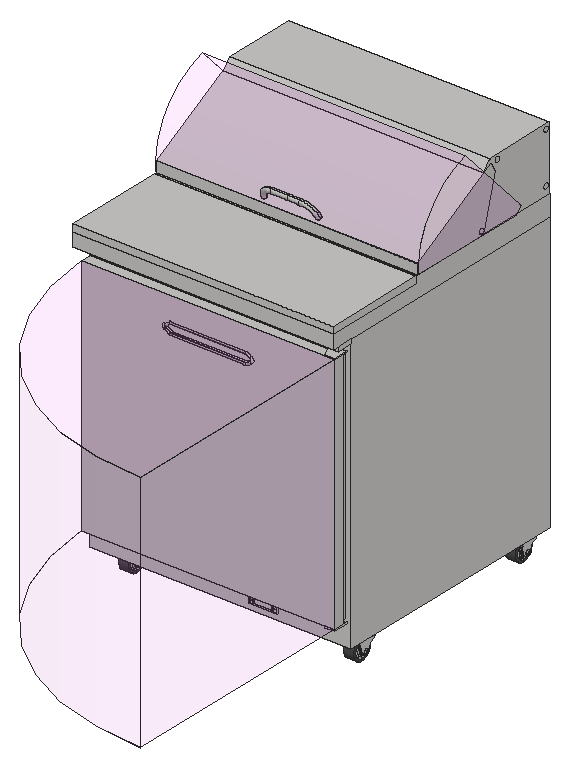
Revit family "QF_Kelvinator_738255_KCHST27.8_1-Door_Sandwich_Salad_Prep_Table_29_Long", category Specialty Equipment, Revit 2021
Family settings
  Round Connector Dimension = Use Diameter
  Part Type = Normal
  Work Plane-Based = No
  Always vertical = Yes
  Cut with Voids When Loaded = No
  Shared = No
  Room Calculation Point = No
Parameters
  Weight in Pounds = 156.528
  Watts = 500 W
  Volts = 115 V
  URL Cutsheet = ""
  Specification by User = ""
  Specification by Manufacturer = ""
  Show Right Door [instance] = not(Show Left Door)  # no
  Show Left Door [instance] = yes
  Show Clearance [instance] = yes
  Serial Number = ""
  Seismic Rating = ""
  SMACNA No = ""
  Revision Code = ""
  Refrigerant Type = "R290"
  Phase = 1
  Number of Poles = 1
  NAFEM Spec ID Number = ""
  Model = "738255 (KCHST27.8)"
  Min Ckt Ampacity = 0 A
  Max Overcurrent Protection = 0 A
  Masterspec = ""
  Manufacturer = "Kelvinator Commercial"
  Length = 28.937"
  Item Number = "738255"
  Installed By = ""
  Identify Quantity as Lot = yes
  Height = 43.307"
  HP = "1/5"
  Furnished By = ""
  Foodservice Equipment Identifier = yes
  FL Amps = 3 A
  Electrical Remarks = ""
  Electric Connection Type = ""
  Elec Conn RI Height = 0.000"
  Elec Conn Connection Height = 0.000"
  Description = "1-Door Sandwich/Salad Prep Table 29\" Long"
  Depth = 29.921"
  Default Elevation = 0.000"
  Cycle = 60 Hz
  Conn Plug = "5-15P"
  Conn Conduit = yes
  CSI MasterFormat = ""
  Apparent Power = 0 VA
Reference planes (in)
  plane 1 "BACK": y = 0
  plane 2: z = 0
  plane 3 "LEFT": x = 0
  plane 4 "RIGHT": x = 28.937
  plane 5 "FRONT": y = -29.921
  plane 6 "TOP": z = 43.307
  plane 7 "Center Y": x = 14.4685
  plane 8 "Center X": y = -14.9605
Dimensions and locks (in)
  equal spacing: plane 3 "LEFT", plane 7 "Center Y", plane 4 "RIGHT"
  "Length": plane 3 "LEFT" to plane 4 "RIGHT"
  equal spacing: plane 5 "FRONT", plane 8 "Center X", plane 1 "BACK"
  "Depth": plane 5 "FRONT" to plane 1 "BACK"
  "Height": plane 6 "TOP" to level
  aligned and locked: level to plane 2
Nested families (in)
  nested 1: "Family7" at (0, 0, 0), Show Clearance <- "Show Clearance", Show Left Door <- "Show Left Door", Show Right Door <- "Show Right Door", type "Family7"
    with Show Right Door no, Show Left Door yes, Show Clearance yes
Connectors (in)
  electrical at (14.46875, -0.87772, 2.31881), driven by "Volts", driven by "Watts"
    settings: on nested 1, index 1, voltage 115 V, apparent load 500 VA, apparent load phase1 0 VA, apparent load phase2 0 VA, apparent load phase3 0 VA, power factor 1, load classification "Power", number of poles 1, system type 30, power factor state 1, is connector primary yes, connector utility no, sub classification motor no, connector description "Electrical Connection"
Definition of nested family "Family7"
  Parameters (values of type "Family7")
    Weight in Pounds = 0
    URL Cutsheet = ""
    Specification by User = ""
    Specification by Manufacturer = ""
    Show Right Door [instance] = yes
    Show Left Door [instance] = yes
    Show Clearance [instance] = yes
    Serial Number = ""
    Seismic Rating = ""
    SMACNA No = ""
    Revision Code = ""
    NAFEM Spec ID Number = ""
    Masterspec = ""
    Length = 28.937"
    Item Number = ""
    Installed By = ""
    Identify Quantity as Lot = yes
    Height = 43.307"
    Furnished By = ""
    Foodservice Equipment Identifier = yes
    Depth = 29.921"
    Default Elevation = 0.000"
    CSI MasterFormat = ""
  Reference planes (in)
    plane 1 "BACK": y = 0
    plane 2: z = 0
    plane 3 "LEFT": x = 0
    plane 4 "RIGHT": x = 28.937
    plane 5 "FRONT": y = -29.921
    plane 6 "TOP": z = 43.307
    plane 7 "Center Y": x = 14.4685
    plane 8 "Center X": y = -14.9605
    plane 9: z = 3.1
    plane 10: z = 33.9
    plane 11: y = -18.5
    plane 12: z = 36.2
    plane 13: y = -56
    plane 14: y = -29.2
    plane 15: z = 32.4
    plane 16: z = 5.6
    plane 17: y = -27.5
    plane 18: x = 26.937
    plane 19: x = 2
    plane 20: x = 29.062
    plane 21: x = -0.125
  Forms (in)
    Extrusion 1, solid
      sketch origin (0, 0, 0) x (0, 1, 0) y (0, 0, 1)
        loop
          line (-27.5, 33.9) -> (-27.5, 3.1) -> (0, 3.1) -> (0, 33.9) -> (-27.5, 33.9)
      from 0 to 28.9375
    Extrusion 2, solid
      sketch origin (0, 0, 0) x (0, 1, 0) y (0, 0, 1)
        loop
          line (-18.5, 36.2) -> (-18.5, 35.45) -> (-29.921, 35.45) -> (-29.921, 33.9) -> (0, 33.9) -> (0, 36.2) -> (-18.5, 36.2)
      from 0 to 28.9375
    Extrusion 3, solid
      sketch origin (0, 0, 0) x (0, 1, 0) y (0, 0, 1)
        loop
          line (-29.921, 36.2) -> (-29.921, 35.45) -> (-18.5, 35.45) -> (-18.5, 36.2) -> (-29.921, 36.2)
      from 0 to 28.9375
    Extrusion 4, solid
      sketch origin (0, 0, 0) x (0, 1, 0) y (0, 0, 1)
        loop
          line (-18.25, 36.2) -> (-9.64835, 36.2003)
          arc (-9.64835, 36.2003) -> (-9.30801, 36.30019) -> (-9.06407, 36.55768) r 0.68096
          line (-9.06407, 36.55768) -> (-7.6646, 41.90007) -> (-8.09711, 42.7135) -> (-18.25, 37.31511) -> (-18.25, 36.2)
      from 0 to 28.9375
    Extrusion 5, solid
      sketch origin (0, 0, 0) x (0, 1, 0) y (0, 0, 1)
        loop
          line (-9.64834, 36.2) -> (0, 36.2) -> (0, 43.307) -> (-8.24175, 43.307) -> (-8.9896, 42.23895) -> (-8.09711, 42.7135) -> (-7.6646, 41.90007) -> (-9.06407, 36.55768)
          arc (-9.06407, 36.55768) -> (-9.30801, 36.30019) -> (-9.64834, 36.2) r 0.68096
      from 0.07437 to 28.86109
    Extrusion 6, solid
      sketch origin (28.9375, 0, 0) x (0, 1, 0) y (0, 0, 1)
        loop
          circle (-9.51178, 36.72547) r 0.25
      from 0 to 0.07437
    Extrusion 7, solid
      sketch origin (28.86109, 0, 0) x (0, 1, 0) y (0, 0, 1)
        loop
          circle (-0.51178, 37.22547) r 0.25
      from 0 to 0.07437
    Extrusion 8, solid
      sketch origin (28.86109, 0, 0) x (0, 1, 0) y (0, 0, 1)
        loop
          circle (-0.51178, 42.84497) r 0.25
      from 0 to 0.07641
    Extrusion 9, solid
      sketch origin (28.86109, 0, 0) x (0, 1, 0) y (0, 0, 1)
        loop
          circle (-7.26178, 42.84497) r 0.25
      from 0 to 0.07641
    Extrusion 10, solid
      sketch origin (0, 0, 0) x (0, 1, 0) y (0, 0, -1)
        loop
          circle (-9.50353, -36.72547) r 0.25
      from 0 to 0.07437
    Extrusion 11, solid
      sketch origin (0.11123, -0.03482, 0) x (0, 1, 0) y (0, 0, -1)
        loop
          circle (-0.51178, -37.22547) r 0.25
      from 0 to 0.07437
    Extrusion 12, solid
      sketch origin (0.07437, -0.03482, 0) x (0, 1, 0) y (0, 0, -1)
        loop
          circle (-0.51178, -42.84497) r 0.25
      from 0 to 0.07437
    Extrusion 13, solid
      sketch origin (0.07437, -0.03482, 0) x (0, 1, 0) y (0, 0, -1)
        loop
          circle (-7.26178, -42.84497) r 0.25
      from 0 to 0.07437
    Sweep 14, solid
      path origin (0, 15.38088, 12.95025) x (1, 0, 0) y (0, -0.469472, 0.882948)
        loop
          line (12.156, 37.2) -> (12.156, 37.35625)
          arc (12.156, 37.35625) -> (12.37567, 37.88658) -> (12.906, 38.10625) r 0.75
          line (12.906, 38.10625) -> (14.781, 38.10625) -> (16.031, 38.10625)
          arc (16.031, 38.10625) -> (16.56133, 37.88658) -> (16.781, 37.35625) r 0.75
          line (16.781, 37.35625) -> (16.781, 37.2)
      profile origin (15.406, -2.50892, 46.59607) x (0, -0.469472, 0.882948) y (0, -0.882948, -0.469472)
        loop
          circle (0.69146, 17.59878) r 0.25
    Extrusion 15, solid
      sketch origin (0, 0, 0) x (0, 1, 0) y (0, 0, 1)
        loop
          line (-29.2, 33.9) -> (-29.2, 33.4) -> (-27.5, 33.4) -> (-27.5, 33.9) -> (-29.2, 33.9)
      from 0 to 28.9375
    Extrusion 16, solid
      sketch origin (14.4685, 6.90541, 48) x (0, 1, 0) y (0, 0, 1)
        loop
          line (-36.10541, -15.6) -> (-36.10541, -42.4) -> (-34.95211, -42.4) -> (-34.95211, -15.6) -> (-36.10541, -15.6)
      from 13.96875 to -13.96875
    Extrusion 17, solid
      sketch origin (0, 0, 0) x (0, 1, 0) y (0, 0, 1)
        loop
          line (-28.04671, 32.20449) -> (-28.04671, 5.81322) -> (-27.79671, 5.81322) -> (-27.79671, 32.20449) -> (-28.04671, 32.20449)
      from 0.74536 to 28.21347
    Extrusion 18, solid
      sketch origin (0, 0.25, 0) x (0, 1, 0) y (0, 0, 1)
        loop
          line (-28.04671, 32.20449) -> (-28.04671, 5.81322) -> (-27.864, 5.81322) -> (-27.864, 32.20449) -> (-28.04671, 32.20449)
      from 0.74536 to 28.21347
    Extrusion 19, solid
      sketch origin (0, 0.4327, 0) x (0, 1, 0) y (0, 0, 1)
        loop
          line (-28.04671, 32.20449) -> (-28.04671, 5.81322) -> (-27.9327, 5.81322) -> (-27.9327, 32.20449) -> (-28.04671, 32.20449)
      from 0.74536 to 28.21347
    Extrusion 20, solid
      sketch origin (-5.72957, -27.5, -4.77927) x (-1, 0, 0) y (0, 0, 1)
        loop
          line (-23.36233, 9.70772) -> (-26.51193, 9.70772) -> (-26.51193, 8.52662) -> (-23.36233, 8.52662) -> (-23.36233, 9.70772)
        loop
          line (-23.44107, 9.63107) -> (-23.83477, 9.63107) -> (-23.83477, 9.31193) -> (-23.44107, 9.31193) -> (-23.44107, 9.63107)
        loop
          line (-23.44107, 9.27674) -> (-23.83477, 9.27674) -> (-23.83477, 8.9576) -> (-23.44107, 8.9576) -> (-23.44107, 9.27674)
        loop
          line (-23.44107, 8.92241) -> (-23.83477, 8.92241) -> (-23.83477, 8.60327) -> (-23.44107, 8.60327) -> (-23.44107, 8.92241)
        loop
          line (-26.43319, 9.63107) -> (-26.43319, 9.31193) -> (-26.03949, 9.31193) -> (-26.03949, 9.63107) -> (-26.43319, 9.63107)
        loop
          line (-26.43319, 9.27674) -> (-26.43319, 8.9576) -> (-26.03949, 8.9576) -> (-26.03949, 9.27674) -> (-26.43319, 9.27674)
        loop
          line (-26.43319, 8.92241) -> (-26.43319, 8.60327) -> (-26.03949, 8.60327) -> (-26.03949, 8.92241) -> (-26.43319, 8.92241)
        loop
          line (-23.91225, 9.63107) -> (-25.96201, 9.63107) -> (-25.96201, 8.60716) -> (-23.91225, 8.60716) -> (-23.91225, 9.63107)
      from 0.07874 to -0.04602
    Extrusion 21, solid
      sketch origin (-5.72957, -27.54602, -4.77927) x (1, 0, 0) y (0, 0, 1)
        loop
          line (26.03949, 9.63107) -> (26.03949, 9.31193) -> (26.43319, 9.31193) -> (26.43319, 9.63107) -> (26.03949, 9.63107)
        loop
          line (26.03949, 9.27674) -> (26.03949, 8.9576) -> (26.43319, 8.9576) -> (26.43319, 9.27674) -> (26.03949, 9.27674)
        loop
          line (26.03949, 8.92241) -> (26.03949, 8.60327) -> (26.43319, 8.60327) -> (26.43319, 8.92241) -> (26.03949, 8.92241)
        loop
          line (23.83477, 9.63107) -> (23.44107, 9.63107) -> (23.44107, 9.31193) -> (23.83477, 9.31193) -> (23.83477, 9.63107)
        loop
          line (23.83477, 9.27674) -> (23.44107, 9.27674) -> (23.44107, 8.9576) -> (23.83477, 8.9576) -> (23.83477, 9.27674)
        loop
          line (23.83477, 8.92241) -> (23.44107, 8.92241) -> (23.44107, 8.60327) -> (23.83477, 8.60327) -> (23.83477, 8.92241)
      from 0 to -0.07874
    Extrusion 22, solid
      sketch origin (-5.72957, -27.54602, -4.77927) x (1, 0, 0) y (0, 0, 1)
        loop
          line (23.91225, 9.63107) -> (23.91225, 8.60716) -> (25.96201, 8.60716) -> (25.96201, 9.63107) -> (23.91225, 9.63107)
      from 0 to -0.07874
    Extrusion 23, void
      sketch origin (-5.72957, -27.5, -4.77927) x (-1, 0, 0) y (0, 0, 1)
        loop
          line (-23.36233, 9.70772) -> (-26.51193, 9.70772) -> (-26.51193, 8.52662) -> (-23.36233, 8.52662) -> (-23.36233, 9.70772)
      from 0 to 0.07874
    Extrusion 24, void
      sketch origin (-15.80943, -29.19996, 31.5181) x (0, 0, 1) y (1, 0, 0)
        loop
          line (-1.94791, 26.10293) -> (-1.94791, 34.45293) -> (-2.28604, 34.99393)
          arc (-2.28604, 34.99393) -> (-2.38541, 35.04901) -> (-2.48479, 34.99393) r 0.11719
          line (-2.48479, 34.99393) -> (-2.82291, 34.45293) -> (-2.82291, 26.10293) -> (-2.48621, 25.56421)
          arc (-2.48621, 25.56421) -> (-2.38541, 25.50834) -> (-2.28462, 25.56421) r 0.11887
          line (-2.28462, 25.56421) -> (-1.94791, 26.10293)
      from 0 to 0.31887
    Sweep 25, solid
      path origin (-15.80943, -26.39996, 31.5181) x (0, 0, -1) y (1, 0, 0)
        loop
          line (2.82291, 34.45293) -> (2.48479, 34.99393)
          arc (2.48479, 34.99393) -> (2.38541, 35.04901) -> (2.28604, 34.99393) r 0.11719
          line (2.28604, 34.99393) -> (1.94791, 34.45293) -> (1.94791, 26.10293) -> (2.28462, 25.56421)
          arc (2.28462, 25.56421) -> (2.38541, 25.50834) -> (2.48621, 25.56421) r 0.11887
          line (2.48621, 25.56421) -> (2.82291, 26.10293) -> (2.82291, 34.45293)
      profile origin (14.4685, -26.39996, 28.69519) x (0, 0, -1) y (0, -1, 0)
        loop
          line (0, 2.8) -> (0.25, 2.8)
          arc (0.25, 2.8) -> (0.125, 2.85269) -> (0, 2.8) r 0.17461
    Extrusion 26, solid
      sketch origin (0, -3.56521, 3.1) x (-1, 0, 0) y (0, 1, 0)
        loop
          circle (-14.46875, 2.68749) r 0.25
      from 0 to 0.78119
    Extrusion 27, solid, visible <- "Show Left Door"
      sketch origin (14.4685, -27.30921, 5.6) x (-1, 0, 0) y (0, 1, 0)
        loop
          arc (-13.96875, -28.69526) -> (5.39601, -20.91713) -> (13.96875, -1.89079) r 27.9375
          line (13.96875, -1.89079) -> (-13.96875, -1.89079) -> (-13.96875, -28.69526)
      from 0 to -26.8
    Extrusion 28, solid, visible <- "Show Left Door"
      sketch origin (14.4685, -28.04671, 5.6) x (-1, 0, 0) y (0, 1, 0)
        loop
          line (-13.96875, -1.15329) -> (-12.96875, -1.15329) -> (-12.21875, 0.54671) -> (-13.96875, 0.54671) -> (-13.96875, -1.15329)
      from 0 to 0.13
    Extrusion 29, solid, visible <- "Show Left Door"
      sketch origin (14.4685, -29.2, 32.4) x (0, 1, 0) y (-1, 0, 0)
        loop
          line (0, -13.96875) -> (1.7, -13.96875) -> (1.7, -12.21875) -> (0, -12.96875) -> (0, -13.96875)
      from 0 to 0.13
    Extrusion 30, solid, visible <- "Show Right Door"
      sketch origin (14.4685, -28.04671, 5.6) x (-1, 0, 0) y (0, 1, 0)
        loop
          line (13.96875, -1.15329) -> (13.96875, 0.54671) -> (12.21875, 0.54671) -> (12.96875, -1.15329) -> (13.96875, -1.15329)
      from 0 to 0.13
    Extrusion 31, solid, visible <- "Show Right Door"
      sketch origin (14.4685, -29.2, 32.4) x (0, 1, 0) y (-1, 0, 0)
        loop
          line (0, 13.96875) -> (0, 12.96875) -> (1.7, 12.21875) -> (1.7, 13.96875) -> (0, 13.96875)
      from 0 to 0.13
    Extrusion 32, solid, visible <- "Show Right Door"
      sketch origin (14.4685, -27.30921, 5.6) x (-1, 0, 0) y (0, 1, 0)
        loop
          line (13.96875, -28.69526) -> (13.96875, -1.89079) -> (-13.96875, -1.89079)
          arc (-13.96875, -1.89079) -> (-5.39601, -20.91713) -> (13.96875, -28.69526) r 27.9375
      from 0 to -26.8
    Extrusion 33, solid, visible <- "Show Clearance"
      sketch origin (28.9375, 0, 0) x (0, 1, 0) y (0, 0, 1)
        loop
          line (-4.77428, 36.2) -> (-4.04293, 36.87437) -> (-11.71985, 45.19986)
          arc (-11.71985, 45.19986) -> (-16.2542, 42.3087) -> (-18.25, 37.31511) r 8.77367
          line (-18.25, 37.31511) -> (-18.25, 36.2) -> (-4.77428, 36.2)
      from 0.1245 to -29.0625
  Cuts and joins
    Extrusion 23 cuts Extrusion 20
    Extrusion 24 cuts Extrusion 16
  Lines and regions (in)
    symbolic lines
      curve 1: line (28.9375, -29.9375, 0) -> (28.9375, 0, 0)
      curve 2: line (28.9375, 0, 0) -> (0, 0, 0)
      curve 3: line (0, 0, 0) -> (0, -29.9375, 0)
      curve 4: line (0, -18.5, 0) -> (12.04664, -18.5, 0)
      curve 5: line (0, -29.9375, 0) -> (28.9375, -29.9375, 0)
      curve 6: line (0, -18.25, 0) -> (11.53922, -18.25, 0)
      curve 7: line (0.07437, -8.99785, 0) -> (28.86109, -8.99785, 0)
      curve 8: line (0.07437, -8.25, 0) -> (28.86109, -8.25, 0)
      curve 9: line (28.86109, -8.99785, 0) -> (28.86109, 0, 0)
      curve 10: line (0.07437, -8.99785, 0) -> (0.07437, 0, 0)
      curve 11: line (-0.07437, -9.76178, 0) -> (-0.07437, -9.26178, 0)
      curve 12: line (-0.07437, -9.26178, 0) -> (0, -9.26178, 0)
      curve 13: line (-0.07437, -9.76178, 0) -> (0, -9.76178, 0)
      curve 14: line (0, -7.67285, 0) -> (0.07437, -7.67285, 0)
      curve 15: line (0, -8.10536, 0) -> (0.07437, -8.10536, 0)
      curve 16: line (0, -7.54654, 0) -> (0.07437, -7.54654, 0)
      curve 17: line (0, -7.0464, 0) -> (0.07437, -7.0464, 0)
      curve 18: line (0, -0.29529, 0) -> (0.07437, -0.29529, 0)
      curve 19: line (0, -0.79529, 0) -> (0.07437, -0.79529, 0)
      curve 20: line (29.01187, -9.76178, 0) -> (29.01187, -9.26178, 0)
      curve 21: line (29.01187, -9.26178, 0) -> (28.9375, -9.26178, 0)
      curve 22: line (29.01187, -9.76178, 0) -> (28.9375, -9.76178, 0)
      curve 23: line (28.9375, -7.67285, 0) -> (28.86109, -7.67285, 0)
      curve 24: line (28.9375, -8.10536, 0) -> (28.86109, -8.10536, 0)
      curve 25: line (28.9375, -7.51178, 0) -> (28.86109, -7.51178, 0)
      curve 26: line (28.9375, -7.01178, 0) -> (28.86109, -7.01178, 0)
      curve 27: line (28.9375, -0.76178, 0) -> (28.86109, -0.76178, 0)
      curve 28: line (28.9375, -0.26178, 0) -> (28.86109, -0.26178, 0)
      curve 29: spline (11.21479, -17.62226, 0) -> (11.22331, -17.56513, 0) -> (11.24828, -17.51189, 0) -> (11.28801, -17.46617, 0) -> (11.33979, -17.43109, 0) -> (11.40009, -17.40904, 0) -> (11.46479, -17.40152, 0) -> (11.5295, -17.40904, 0) -> (11.58979, -17.43109, 0) -> (11.64157, -17.46617, 0) -> (11.6813, -17.51189, 0) -> (11.70627, -17.56513, 0) -> (11.71479, -17.62226, 0)
      curve 30: spline (17.22271, -17.62226, 0) -> (17.23123, -17.56513, 0) -> (17.2562, -17.51189, 0) -> (17.29593, -17.46617, 0) -> (17.34771, -17.43109, 0) -> (17.408, -17.40904, 0) -> (17.47271, -17.40152, 0) -> (17.53741, -17.40904, 0) -> (17.59771, -17.43109, 0) -> (17.64949, -17.46617, 0) -> (17.68922, -17.51189, 0) -> (17.71419, -17.56513, 0) -> (17.72271, -17.62226, 0)
      curve 31: line (14.46875, -18.11963, 0) -> (16.0871, -18.11963, 0)
      curve 32: line (14.46875, -18.61302, 0) -> (16.21875, -18.61302, 0)
      curve 33: line (17.72271, -17.62226, 0) -> (17.72271, -17.73148, 0)
      curve 34: line (17.22271, -17.62226, 0) -> (17.22271, -17.73148, 0)
      curve 35: arc (17.22271, -17.73148, 0) -> (16.98921, -17.92692, 0) -> (16.70321, -18.03141, 0) r 0.88295
      curve 36: arc (17.72271, -17.73148, 0) -> (17.66541, -17.94612, 0) -> (17.53782, -18.12798, 0) r 0.63628
      curve 37: arc (16.70321, -18.03141, 0) -> (16.39829, -18.09746, 0) -> (16.0871, -18.11963, 0) r 2.19561
      curve 38: arc (17.53782, -18.12798, 0) -> (17.28689, -18.32719, 0) -> (16.99785, -18.46539, 0) r 1.4269
      curve 39: arc (16.99785, -18.46539, 0) -> (16.61371, -18.56774, 0) -> (16.21875, -18.61302, 0) r 2.72085
      curve 40: line (14.46875, -18.11963, 0) -> (12.8504, -18.11963, 0)
      curve 41: line (14.46875, -18.61302, 0) -> (12.71875, -18.61302, 0)
      curve 42: line (11.21479, -17.62226, 0) -> (11.21479, -17.73148, 0)
      curve 43: line (11.71479, -17.62226, 0) -> (11.71479, -17.73148, 0)
      curve 44: arc (11.71479, -17.73148, 0) -> (11.94829, -17.92692, 0) -> (12.23429, -18.03141, 0) r 0.88295
      curve 45: arc (11.21479, -17.73148, 0) -> (11.27209, -17.94612, 0) -> (11.39968, -18.12798, 0) r 0.63628
      curve 46: arc (12.23429, -18.03141, 0) -> (12.53921, -18.09746, 0) -> (12.8504, -18.11963, 0) r 2.19561
      curve 47: arc (11.39968, -18.12798, 0) -> (11.65061, -18.32719, 0) -> (11.93965, -18.46539, 0) r 1.4269
      curve 48: arc (11.93965, -18.46539, 0) -> (12.32379, -18.56774, 0) -> (12.71875, -18.61302, 0) r 2.72085
      curve 49: line (17.39828, -18.25, 0) -> (28.9375, -18.25, 0)
      curve 50: line (16.89086, -18.5, 0) -> (28.9375, -18.5, 0)
    symbolic lines, visible <- "Show Left Door"
      curve 51: arc (5.07692, -43.42473, 0) -> (1.93521, -36.97484, 0) -> (0.53971, -29.9375, 0) r 27.9375
      curve 52: line (28.4375, -29.9375, 0) -> (5.07692, -43.42473, 0)
    symbolic lines, visible <- "Show Right Door"
      curve 53: arc (23.86058, -43.42473, 0) -> (27.00229, -36.97484, 0) -> (28.39779, -29.9375, 0) r 27.9375
      curve 54: line (0.5, -29.9375, 0) -> (23.86058, -43.42473, 0)
  Dimensions and locks (in)
    equal spacing: plane 3 "LEFT", plane 7 "Center Y", plane 4 "RIGHT"
    "Length": plane 3 "LEFT" to plane 4 "RIGHT"
    equal spacing: plane 5 "FRONT", plane 8 "Center X", plane 1 "BACK"
    "Depth": plane 5 "FRONT" to plane 1 "BACK"
    "Height": plane 6 "TOP" to level
    level to plane 9 = 3.100"
    plane 10 to plane 9 = 30.800"
    plane 6 "TOP" to plane 10 = 9.407"
    plane 5 "FRONT" to plane 1 "BACK" = 29.921"
    plane 11 to plane 1 "BACK" = 18.500"
    plane 10 to plane 12 = 2.300"
    plane 13 to plane 1 "BACK" = 56.000"
    plane 16 to plane 15 = 26.800"
    locked: plane 4 "RIGHT" to plane 18 at 2
    locked: plane 3 "LEFT" to plane 19 at 2
    plane 20 to plane 4 "RIGHT" = 0.125"
    aligned and locked: level to plane 2
    aligned and locked: plane 18 to nested 1
    aligned and locked: nested 2 to plane 19
  Automatic sketch dimensions
    plane 9 to Extrusion 1 sketch curve = 0.000"
    Extrusion 1 sketch curve to plane 17 = 0.000"
    Extrusion 1 sketch curve to plane 1 "BACK" = 0.000"
    Extrusion 1 sketch curve to plane 10 = 0.000"
    Extrusion 2 sketch curve to plane 5 "FRONT" = 0.000"
    Extrusion 2 sketch curve to plane 11 = 0.000"
    Extrusion 2 sketch curve to plane 1 "BACK" = 0.000"
    Extrusion 2 sketch curve to plane 10 = 0.000"
    plane 12 to Extrusion 2 sketch curve = 0.000"
    plane 12 to Extrusion 2 sketch curve = 0.750"
    Extrusion 3 sketch curve to plane 5 "FRONT" = 0.000"
    Extrusion 3 sketch curve to plane 11 = 0.000"
    plane 12 to Extrusion 3 sketch curve = 0.000"
    plane 12 to Extrusion 3 sketch curve = 0.750"
    plane 12 to Extrusion 4 sketch curve = 0.000"
    Extrusion 4 sketch curve to plane 11 = 0.250"
    Extrusion 4 sketch curve to plane 12 = 0.6811"
    plane 8 "Center X" to Extrusion 4 sketch curve = 5.29717"
    Extrusion 4 sketch curve to plane 12 = 0.35768"
    Extrusion 4 sketch curve to Extrusion 4 sketch curve = 0.59925"
    Extrusion 4 sketch curve to plane 6 "TOP" = 0.5935"
    Extrusion 4 sketch curve to Extrusion 4 sketch curve = 1.56621"
    Extrusion 4 sketch curve to plane 6 "TOP" = 1.40693"
    Extrusion 4 sketch curve to Extrusion 4 sketch curve = 0.43251"
    Extrusion 4 sketch curve to plane 12 = 0.0003"
    Extrusion 4 sketch curve to Extrusion 4 sketch curve = 0.00001"
    plane 12 to Extrusion 5 sketch curve = 0.000"
    Extrusion 5 sketch curve to plane 6 "TOP" = 0.000"
    Extrusion 5 sketch curve to plane 1 "BACK" = 0.000"
    Extrusion 5 sketch curve to plane 6 "TOP" = 1.40693"
    plane 8 "Center X" to Extrusion 5 sketch curve = 7.2959"
    Extrusion 5 sketch curve to plane 6 "TOP" = 0.5935"
    Extrusion 5 sketch curve to Extrusion 5 sketch curve = 0.43251"
    Extrusion 5 sketch curve to Extrusion 5 sketch curve = 0.14464"
    Extrusion 5 sketch curve to plane 6 "TOP" = 1.06805"
    Extrusion 5 sketch curve to plane 12 = 0.35768"
    Extrusion 5 sketch curve to Extrusion 5 sketch curve = 1.39947"
    Extrusion 5 sketch curve to Extrusion 5 sketch curve = 0.59925"
    Extrusion 5 sketch curve to Extrusion 5 sketch curve = 0.32342"
    Extrusion 5 sketch curve to Extrusion 5 sketch curve = 0.01499"
    Extrusion 5 sketch curve to plane 12 = 0.0003"
    Extrusion 6 sketch curve to Extrusion 4 = 0.52547"
    Extrusion 6 sketch curve to Extrusion 4 = 8.73822"
    Extrusion 7 sketch curve to Extrusion 5 = 0.51178"
    Extrusion 7 sketch curve to Extrusion 5 = 1.02547"
    Extrusion 8 sketch curve to Extrusion 5 = 0.51178"
    Extrusion 8 sketch curve to Extrusion 5 = 0.46203"
    Extrusion 9 sketch curve to Extrusion 5 = 0.46203"
    Extrusion 9 sketch curve to Extrusion 5 = 7.26178"
    Extrusion 10 sketch curve to plane 12 = 0.52547"
    plane 8 "Center X" to Extrusion 10 sketch curve = 5.45697"
    plane 1 "BACK" to Extrusion 11 sketch curve = 0.5466"
    Extrusion 11 sketch curve to plane 12 = 1.02547"
    plane 1 "BACK" to Extrusion 12 sketch curve = 0.5466"
    Extrusion 12 sketch curve to plane 6 "TOP" = 0.46203"
    Extrusion 13 sketch curve to plane 6 "TOP" = 0.46203"
    plane 1 "BACK" to Extrusion 13 sketch curve = 7.2966"
    Sweep 14 sketch curve to plane 7 "Center Y" = 2.3125"
    Sweep 14 sketch curve to Sweep 14 sketch curve = 0.750"  (x2)
    plane 7 "Center Y" to Sweep 14 sketch curve = 0.3125"
    Sweep 14 sketch curve to Sweep 14 sketch curve = 1.250"
    Sweep 14 sketch curve to Sweep 14 sketch curve = 0.15625"  (x2)
    Sweep 14 sketch curve to profile plane = 0.69146"
    profile plane to Sweep 14 sketch curve = 17.59878"
    Extrusion 15 sketch curve to plane 10 = 0.000"
    Extrusion 15 sketch curve to plane 14 = 0.000"
    Extrusion 15 sketch curve to plane 17 = 0.000"
    Extrusion 15 sketch curve to Extrusion 15 sketch curve = 0.500"
    Extrusion 16 sketch curve to plane 14 = 0.000"
    plane 16 to Extrusion 16 sketch curve = 0.000"
    plane 15 to Extrusion 16 sketch curve = 0.000"
    Extrusion 16 sketch curve to plane 17 = 0.54671"
    Extrusion 17 sketch curve to plane 16 = 0.21322"
    Extrusion 17 sketch curve to plane 17 = 0.54671"
    Extrusion 17 sketch curve to Extrusion 17 sketch curve = 0.250"
    plane 15 to Extrusion 17 sketch curve = 0.19551"
    Extrusion 18 sketch curve to plane 17 = 0.29671"
    Extrusion 18 sketch curve to plane 17 = 0.114"
    Extrusion 18 sketch curve to plane 16 = 0.21322"
    plane 15 to Extrusion 18 sketch curve = 0.19551"
    Extrusion 19 sketch curve to plane 17 = 0.000"
    Extrusion 19 sketch curve to Extrusion 19 sketch curve = 0.114"
    Extrusion 19 sketch curve to plane 16 = 0.21322"
    plane 15 to Extrusion 19 sketch curve = 0.19551"
    plane 16 to Extrusion 20 sketch curve = 0.67154"
    Extrusion 20 sketch curve to plane 18 = 6.15464"
    Extrusion 20 sketch curve to Extrusion 20 sketch curve = 0.07874"  (x3)
    Extrusion 20 sketch curve to Extrusion 20 sketch curve = 0.000"  (x7)
    Extrusion 20 sketch curve to Extrusion 20 sketch curve = 0.3937"  (x2)
    Extrusion 20 sketch curve to Extrusion 20 sketch curve = 0.07748"  (x3)
    Extrusion 20 sketch curve to plane 9 = 0.72789"
    Extrusion 20 sketch curve to Extrusion 20 sketch curve = 2.04976"
    Extrusion 20 sketch curve to Extrusion 20 sketch curve = 0.00389"  (x2)
    Extrusion 20 sketch curve to Extrusion 20 sketch curve = 0.07665"  (x3)
    Extrusion 20 sketch curve to Extrusion 20 sketch curve = 0.31914"  (x4)
    Extrusion 20 sketch curve to Extrusion 20 sketch curve = 0.03519"  (x4)
    Extrusion 20 to Extrusion 21 sketch curve = 0.000"  (x10)
    Extrusion 21 sketch curve to Extrusion 20 = 0.000"  (x14)
    Extrusion 22 sketch curve to Extrusion 20 = 0.000"  (x3)
    Extrusion 20 to Extrusion 22 sketch curve = 0.000"
    plane 16 to Extrusion 23 sketch curve = 0.67154"
    Extrusion 23 sketch curve to plane 18 = 6.15464"
    Extrusion 23 sketch curve to plane 9 = 0.64735"
    Extrusion 23 sketch curve to Extrusion 23 sketch curve = 3.14961"
    plane 15 to Extrusion 24 sketch curve = 3.70481"
    Extrusion 24 sketch curve to Extrusion 24 sketch curve = 0.3367"
    Extrusion 24 sketch curve to Extrusion 24 sketch curve = 0.33813"  (x2)
    Extrusion 24 sketch curve to Extrusion 24 sketch curve = 0.09937"  (x2)
    Extrusion 24 sketch curve to Extrusion 24 sketch curve = 0.1008"  (x2)
    Extrusion 24 sketch curve to plane 7 "Center Y" = 4.71372"
    Extrusion 24 sketch curve to Extrusion 24 sketch curve = 0.063"
    Extrusion 24 sketch curve to Extrusion 24 sketch curve = 0.53872"  (x2)
    plane 7 "Center Y" to Extrusion 24 sketch curve = 4.175"
    Extrusion 24 sketch curve to Extrusion 24 sketch curve = 0.000"
    Extrusion 24 sketch curve to Extrusion 24 sketch curve = 0.47889"
    Extrusion 24 sketch curve to Extrusion 24 sketch curve = 0.06211"
    plane 15 to Sweep 25 sketch curve = 2.82981"
    Sweep 25 sketch curve to Sweep 25 sketch curve = 0.3367"
    Sweep 25 sketch curve to Sweep 25 sketch curve = 0.33813"  (x2)
    Sweep 25 sketch curve to Sweep 25 sketch curve = 0.09937"  (x2)
    Sweep 25 sketch curve to Sweep 25 sketch curve = 0.1008"  (x2)
    Sweep 25 sketch curve to plane 7 "Center Y" = 4.71372"
    Sweep 25 sketch curve to Sweep 25 sketch curve = 0.063"
    Sweep 25 sketch curve to Sweep 25 sketch curve = 0.53872"  (x2)
    plane 7 "Center Y" to Sweep 25 sketch curve = 4.175"
    Sweep 25 sketch curve to Sweep 25 sketch curve = 0.000"
    Sweep 25 sketch curve to Sweep 25 sketch curve = 0.47889"
    Sweep 25 sketch curve to Sweep 25 sketch curve = 0.06211"
    Sweep 25 sketch curve to profile plane = 0.000"
    Sweep 25 sketch curve to profile plane = 0.125"
    profile plane to Sweep 25 sketch curve = 2.67809"
    Sweep 25 sketch curve to Sweep 25 sketch curve = 0.12191"
    Extrusion 1 to Extrusion 26 sketch curve = 0.87772"
    Extrusion 26 sketch curve to Extrusion 1 = 14.46875"
    Extrusion 27 sketch curve to Extrusion 16 = 0.000"  (x3)
    Extrusion 27 sketch curve to Extrusion 16 = 0.02298"
    Extrusion 16 to Extrusion 27 sketch curve = 0.02027"
    Extrusion 28 sketch curve to Extrusion 16 = 0.000"
    Extrusion 16 to Extrusion 28 sketch curve = 0.000"
    Extrusion 28 sketch curve to Extrusion 16 = 1.000"
    Extrusion 28 sketch curve to Extrusion 16 = 0.54671"
    Extrusion 28 sketch curve to Extrusion 16 = 1.750"
    Extrusion 16 to Extrusion 29 sketch curve = 0.000"
    Extrusion 29 sketch curve to Extrusion 16 = 0.000"
    Extrusion 16 to Extrusion 29 sketch curve = 0.54671"
    Extrusion 16 to Extrusion 29 sketch curve = 1.000"
    Extrusion 16 to Extrusion 29 sketch curve = 1.750"
    Extrusion 16 to Extrusion 30 sketch curve = 0.000"
    Extrusion 30 sketch curve to Extrusion 16 = 0.000"
    Extrusion 30 sketch curve to Extrusion 16 = 1.000"
    Extrusion 30 sketch curve to Extrusion 16 = 0.54671"
    Extrusion 30 sketch curve to Extrusion 16 = 1.750"
    Extrusion 16 to Extrusion 31 sketch curve = 0.000"
    Extrusion 31 sketch curve to Extrusion 16 = 0.000"
    Extrusion 16 to Extrusion 31 sketch curve = 0.54671"
    Extrusion 16 to Extrusion 31 sketch curve = 1.000"
    Extrusion 16 to Extrusion 31 sketch curve = 1.750"
    Extrusion 32 sketch curve to Extrusion 16 = 0.000"  (x3)
    Extrusion 32 sketch curve to Extrusion 16 = 0.02298"
    Extrusion 16 to Extrusion 32 sketch curve = 0.02027"
    plane 1 "BACK" to curve 3 = 0.000"
    curve 3 to plane 3 "LEFT" = 0.000"
    plane 11 to curve 4 = 0.000"
    plane 11 to curve 50 = 0.000"
    curve 11 to plane 3 "LEFT" = 0.07437"
    plane 3 "LEFT" to curve 10 = 0.07437"
    plane 3 "LEFT" to curve 53 = 0.52298"
    curve 52 to plane 19 = 3.07692"
    curve 42 to plane 11 = 0.87774"
    curve 42 to plane 7 "Center Y" = 3.25371"
    curve 29 to curve 43 = 0.500"
    curve 44 to curve 45 = 0.13396"
    curve 45 to curve 44 = 0.54101"
    curve 44 to curve 47 = 0.01698"
    plane 11 to curve 41 = 0.11302"
    curve 45 to curve 41 = 0.870"
    curve 47 to curve 48 = 0.42358"
    curve 48 to curve 46 = 0.02008"
    plane 7 "Center Y" to curve 41 = 0.00025"
    plane 7 "Center Y" to curve 40 = 0.00025"
    curve 31 to plane 11 = 0.38037"
    curve 31 to curve 31 = 1.61835"
    curve 37 to curve 39 = 0.02008"
    curve 31 to curve 32 = 0.13165"
    curve 31 to curve 38 = 0.44366"
    curve 38 to curve 35 = 0.01698"
    curve 35 to curve 36 = 0.54101"
    curve 36 to curve 34 = 0.13396"
    curve 35 to curve 33 = 0.500"
    curve 54 to plane 18 = 3.07642"
    plane 4 "RIGHT" to curve 51 = 0.52248"
    plane 4 "RIGHT" to curve 9 = 0.07591"
    curve 1 to plane 4 "RIGHT" = 0.0005"
    curve 21 to curve 20 = 0.07437"
    curve 51 to plane 17 = 0.56697"
    curve 53 to plane 17 = 0.56697"
    plane 5 "FRONT" to curve 1 = 0.0165"
    curve 52 to plane 13 = 12.57527"
    curve 54 to plane 13 = 12.57527"
    curve 42 to curve 42 = 0.10922"
    curve 43 to curve 29 = 0.10922"
    curve 50 to curve 34 = 0.76852"
    curve 35 to curve 33 = 0.000"
    curve 44 to curve 45 = 0.05426"
    curve 34 to curve 36 = 0.05426"
    curve 34 to curve 34 = 0.10922"
    curve 36 to curve 35 = 0.51496"
    curve 45 to curve 44 = 0.51496"
    curve 44 to curve 47 = 0.04514"
    curve 35 to curve 38 = 0.04514"
    curve 46 to plane 8 "Center X" = 0.96352"
    curve 37 to plane 8 "Center X" = 0.96352"
    curve 37 to curve 39 = 0.02957"
    curve 46 to curve 48 = 0.02957"
    plane 8 "Center X" to curve 22 = 5.19872"
    plane 8 "Center X" to curve 13 = 5.19872"
    curve 11 to curve 12 = 0.500"
    curve 20 to curve 20 = 0.500"
    curve 12 to curve 7 = 0.26393"
    curve 54 to curve 51 = 0.03971"
    curve 47 to curve 45 = 0.000"
    curve 47 to curve 6 = 0.13954"
    curve 38 to curve 39 = 0.000"
    curve 49 to curve 36 = 0.13954"
    curve 53 to curve 52 = 0.03971"
    curve 7 to curve 8 = 0.74785"
    curve 8 to curve 24 = 0.14464"
    curve 8 to curve 15 = 0.14464"
    curve 15 to curve 14 = 0.43251"
    curve 24 to curve 23 = 0.43251"
    curve 14 to curve 16 = 0.12632"
    curve 23 to curve 25 = 0.16107"
    curve 16 to curve 17 = 0.50013"
    curve 25 to curve 26 = 0.500"
    plane 1 "BACK" to curve 19 = 0.79529"
    plane 1 "BACK" to curve 27 = 0.76178"
    plane 1 "BACK" to curve 18 = 0.29529"
    plane 1 "BACK" to curve 28 = 0.26178"
    Extrusion 33 sketch curve to Extrusion 4 = 0.000"  (x2)
    Extrusion 4 to Extrusion 33 sketch curve = 0.000"
    Extrusion 33 sketch curve to Extrusion 4 = 6.53015"
    Extrusion 33 sketch curve to Extrusion 4 = 0.51243"
    Extrusion 33 sketch curve to Extrusion 33 sketch curve = 4.72278"
    Extrusion 33 sketch curve to Extrusion 4 = 0.67437"
    Extrusion 33 sketch curve to Extrusion 4 = 8.75294"
    radius of Extrusion 6 sketch curve = 0.250"
    radius of Extrusion 7 sketch curve = 0.250"
    radius of Extrusion 8 sketch curve = 0.250"
    radius of Extrusion 9 sketch curve = 0.250"
    radius of Extrusion 10 sketch curve = 0.250"
    radius of Extrusion 11 sketch curve = 0.250"
    radius of Extrusion 12 sketch curve = 0.250"
    radius of Extrusion 13 sketch curve = 0.250"
    radius of Sweep 14 sketch curve = 0.250"
    radius of Extrusion 26 sketch curve = 0.250"
  Nested families (in)
    nested 1: "3 INCHES 01_CASTER" at (26.937, -24.75, 0), type "3 INCHES 01_CASTER"
      with Type Mark "", Specification by User "", Revision Code "", Item Number "", Installed By "", Identify Quantity as Lot yes, Furnished By "", Foodservice Equipment Identifier yes, 3 Inches Caster yes
    nested 2: "3 INCHES 01_CASTER" at (2, -24.75, 0), type "3 INCHES 01_CASTER"
      with Type Mark "", Specification by User "", Revision Code "", Item Number "", Installed By "", Identify Quantity as Lot yes, Furnished By "", Foodservice Equipment Identifier yes, 3 Inches Caster yes
    nested 3: "3 INCHES 01_CASTER" at (26.9375, -2.375, 0), type "3 INCHES 01_CASTER"
      with Type Mark "", Specification by User "", Revision Code "", Item Number "", Installed By "", Identify Quantity as Lot yes, Furnished By "", Foodservice Equipment Identifier yes, 3 Inches Caster yes
    nested 4: "3 INCHES 01_CASTER" at (2, -2.375, 0), type "3 INCHES 01_CASTER"
      with Type Mark "", Specification by User "", Revision Code "", Item Number "", Installed By "", Identify Quantity as Lot yes, Furnished By "", Foodservice Equipment Identifier yes, 3 Inches Caster yes
  Definition of nested family "3 INCHES 01_CASTER"
    Parameters (values of type "3 INCHES 01_CASTER")
      Weight = ""
      URL Manufacturer = ""
      URL Cutsheet = ""
      URL = ""
      Type Mark [instance] = ""
      Specification by User [instance] = ""
      Specification by Manufacturer = ""
      Serial Number = ""
      Seismic Rating = ""
      SMACNA No = ""
      Revision Code [instance] = ""
      Omniclass Number and Title = ""
      NAFEM Spec ID Number = ""
      Model = ""
      MasterSpec. = ""
      Manufacturer = ""
      Item Number [instance] = ""
      Installed By [instance] = ""
      Identify Quantity as Lot [instance] = yes
      Furnished By [instance] = ""
      Foodservice Equipment Identifier [instance] = yes
      Description = ""
      Default Elevation = 0.000"
      CSI MasterFormat = ""
      CSI Master Format = ""
      Assembly Code = ""
      3 Inches Caster [instance] = yes
    Reference planes (in)
      plane 1: z = 0
      plane 2 "RIGHT": x = 0
      plane 3 "FRONT": y = 0
      plane 4 "TOP": z = 3.1
    Forms (in)
      Revolve 1, solid, visible <- "3 Inches Caster"
        sketch origin (-1.93794, 0.56004, -1.0041) x (1, 0, 0) y (0, 0, 1)
          loop
            line (0.74055, 2.11347) -> (0.74055, 2.03797) -> (0.79055, 1.98797) -> (0.85055, 1.98797) -> (0.85055, 1.8679) -> (1.235, 1.8679) -> (1.235, 1.7068) -> (1.36441, 1.63209) -> (1.4003, 1.41035) -> (1.34375, 1.41035) -> (1.34375, 1.28535) -> (1.375, 1.28535) -> (1.375, 1.0041) -> (2.48438, 1.0041) -> (2.48438, 1.28535) -> (2.51563, 1.28535) -> (2.51563, 1.41035) -> (2.45908, 1.41035) -> (2.49553, 1.6356) -> (2.62438, 1.70999) -> (2.62438, 1.8679) -> (3.04007, 1.8679) -> (3.04007, 1.98797) -> (3.10007, 1.98797) -> (3.15007, 2.03797) -> (3.15007, 2.11347) -> (0.74055, 2.11347)
          axis (0.74055, 2.11347) -> (3.15007, 2.11347)
        angle from 0 to 360
      Extrusion 2, solid, visible <- "3 Inches Caster"
        sketch origin (-1.93794, 1.35294, -3.2541) x (0, 1, 0) y (0, 0, 1)
          loop
            line (-0.41094, 5.86793) -> (-0.41094, 6.01276) -> (-2.29494, 6.01276) -> (-2.29494, 5.71244) -> (-1.82301, 5.71244)
            arc (-1.82301, 5.71244) -> (-1.00307, 5.59865) -> (-0.19592, 5.41488) r 9.6332
            arc (-0.19592, 5.41488) -> (0.12646, 5.29481) -> (0.42224, 5.11916) r 1.92059
            line (0.42224, 5.11916) -> (0.51314, 5.245)
            arc (0.51314, 5.245) -> (0.27353, 5.42569) -> (0.01201, 5.5729) r 2.25036
            line (0.01201, 5.5729) -> (0.09371, 5.71426)
            arc (0.09371, 5.71426) -> (-0.15272, 5.81043) -> (-0.41094, 5.86793) r 1.73151
        from 1.17357 to 2.70231
      Revolve 3, solid, visible <- "3 Inches Caster"
        sketch origin (0, 1.73858, -3.25) x (0, 1, 0) y (0, 0, 1)
          loop
            line (-1.73858, 6.35) -> (-1.73858, 6.00866) -> (-0.93293, 6.00866) -> (-0.93293, 6.35) -> (-1.73858, 6.35)
          axis (-1.73858, 6.00866) -> (-1.73858, 6.35)
        angle from 0 to 360
      Extrusion 4, solid, visible <- "3 Inches Caster"
        sketch origin (-1.98481, 1.35294, -1.7541) x (0, 1, 0) y (0, 0, 1)
          loop
            line (-2.29494, 4.51276) -> (-2.29494, 4.21244) -> (-2.2074, 4.21244)
            arc (-2.2074, 4.21244) -> (-1.58796, 3.87196) -> (-1.3103, 3.22193) r 1.0835
            arc (-1.3103, 3.22193) -> (-1.27304, 2.98711) -> (-1.19616, 2.76214) r 1.38462
            arc (-1.19616, 2.76214) -> (-0.77704, 2.49744) -> (-0.37393, 2.78593) r 0.44401
            arc (-0.37393, 2.78593) -> (-0.35491, 2.84407) -> (-0.34077, 2.90358) r 0.74034
            arc (-0.34077, 2.90358) -> (-0.07302, 3.38916) -> (0.4279, 3.62699) r 0.90376
            line (0.4279, 3.62699) -> (0.51314, 3.745)
            arc (0.51314, 3.745) -> (0.27353, 3.92569) -> (0.01201, 4.0729) r 2.25036
            line (0.01201, 4.0729) -> (0.09371, 4.21426)
            arc (0.09371, 4.21426) -> (-0.15272, 4.31043) -> (-0.41094, 4.36793) r 1.73151
            line (-0.41094, 4.36793) -> (-0.41094, 4.51276) -> (-2.29494, 4.51276)
        from 2.74918 to 2.90825
      Extrusion 5, solid, visible <- "3 Inches Caster"
        sketch origin (1.98481, 1.35294, -1.7541) x (0, 1, 0) y (0, 0, -1)
          loop
            line (-2.29494, -4.51276) -> (-0.41094, -4.51276) -> (-0.41094, -4.36793)
            arc (-0.41094, -4.36793) -> (-0.15272, -4.31043) -> (0.09371, -4.21426) r 1.73151
            line (0.09371, -4.21426) -> (0.01201, -4.0729)
            arc (0.01201, -4.0729) -> (0.27353, -3.92569) -> (0.51314, -3.745) r 2.25036
            line (0.51314, -3.745) -> (0.4279, -3.62699)
            arc (0.4279, -3.62699) -> (-0.07302, -3.38916) -> (-0.34077, -2.90358) r 0.90376
            arc (-0.34077, -2.90358) -> (-0.35491, -2.84407) -> (-0.37393, -2.78593) r 0.74034
            arc (-0.37393, -2.78593) -> (-0.77704, -2.49744) -> (-1.19616, -2.76214) r 0.44401
            arc (-1.19616, -2.76214) -> (-1.27304, -2.98711) -> (-1.3103, -3.22193) r 1.38462
            arc (-1.3103, -3.22193) -> (-1.58796, -3.87196) -> (-2.2074, -4.21244) r 1.0835
            line (-2.2074, -4.21244) -> (-2.29494, -4.21244) -> (-2.29494, -4.51276)
        from 2.74918 to 2.90825
    Cuts and joins
      joined: Extrusion 2, Extrusion 4, Extrusion 5
    Lines and regions (in)
      symbolic lines, visible <- "3 Inches Caster"
        curve 1: line (0.1877, 1.65194, 0) -> (0.89063, 1.2461, 0)
        curve 2: line (-1.00175, -0.40823, 0) -> (0.1877, 1.65194, 0)
        curve 3: line (-0.29881, -0.81407, 0) -> (-1.00175, -0.40823, 0)
        curve 4: line (0.89063, 1.2461, 0) -> (-0.29881, -0.81407, 0)
    Dimensions and locks (in)
      plane 4 "TOP" to level = 3.100"  (x2)
      aligned and locked: level to plane 1
